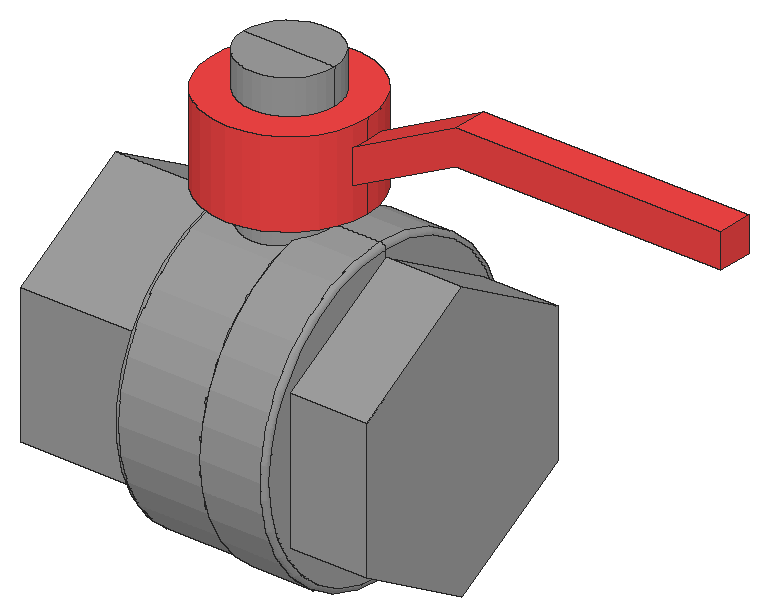
Revit family "BIMLIB_Кран_шаровой_В-Вр_РОСТерм", category Арматура трубопроводов, Revit 2017
Family settings
  Размер круглого соединителя = Использовать диаметр
  Тип детали = Клапан - Вставляется
  На основе рабочей плоскости = Нет
  Всегда вертикально = Да
  При загрузке вырезать с полостями = Нет
  Общий = Нет
Parameters (values of type "ШКР ВР-ВР")
  РТ_рукоятка [instance] = if(or(РТ_DN = 32 mm, РТ_DN = 40 mm, РТ_DN = 50 mm), 1 = 1, 0 = 1)  # yes
  РТ_бабочка [instance] = if(or(РТ_DN = 15 mm, РТ_DN = 20 mm, РТ_DN = 25 mm), 1 = 1, 0 = 1)  # no
  РТ_Ширина2 [instance] = РТ_L / 3  # 33.667 mm
  РТ_Ширина1 [instance] = РТ_L / 4.5  # 22.444 mm
  РТ_Радиус вентиля2 [instance] = size_lookup("Valve", "РТ_Радиус вентиля 2", 0 mm, РТ_DN)  # 23 mm
  РТ_Номинальное давление = 16.0 bar  # constant formula
  РТ_Рабочая температура = 120 °C  # constant formula
  РТ_Максимальная температура = 160 °C  # constant formula
  РТ_Материал_Кран = BIMLIB_Красный_пластик_РТ
  РТ_DN [instance] = 50 mm
  Описание = "Кран шаровой выгодно отличается от аналогов компактностью. Небольшие габариты устройства позволяют использовать механизм для полного перекрывания потока рабочей среды на участке трубопроводной магистрали, где исключается любая дополнительная нагрузка (в промышленных системах охлаждения оборудования высокой мощности и тд)."
  Изготовитель = "РОСТерм"
  РТ_Высота ручки [instance] = size_lookup("Valve", "РТ_Высота ручки", 0 mm, РТ_DN)  # 10 mm
  РТ_Радиус вентиля1 [instance] = size_lookup("Valve", "РТ_Радиус вентиля 1", 0 mm, РТ_DN)  # 16 mm
  РТ_CH2 [instance] = РТ_CH / 2  # 35 mm
  РТ_CH [instance] = size_lookup("Valve", "РТ_CH", 0 mm, РТ_DN)  # 70 mm
  РТ_L [instance] = size_lookup("Valve", "РТ_L", 0 mm, РТ_DN)  # 101 mm
  РТ_C2 [instance] = size_lookup("Valve", "РТ_C2", 0 mm, РТ_DN)  # 44 mm
  РТ_B [instance] = size_lookup("Valve", "РТ_B", 0 mm, РТ_DN)  # 85 mm
  РТ_A [instance] = size_lookup("Valve", "РТ_A", 0 mm, РТ_DN)  # 130 mm
  URL = "http://rostherm.ru/"
  BL_Разработано = "support@bimlib.ru"  # constant formula
  BL_Email = "rostherm@bimlib.ru"
  BL_BIM library = "https://bimlib.pro/manufacturer/rosterm/1632/"
  ADSK_Расход жидкости [instance] = 0.0 m³/h
  ADSK_Примечание = ""
  ADSK_Позиция = ""
  ADSK_Обозначение = "ГОСТ 21345-2005"  # constant formula
  ADSK_Наименование краткое [instance] = size_lookup("Valve_наим", "", "-", РТ_DN)  # "Кран шаровой ВР-ВР Ду50"
  ADSK_Наименование [instance] = size_lookup("Valve", "", "-", РТ_DN)  # "Кран шаровой латунный Внутренняя - Внутренняя резьба Ду50 (ручка)"
  ADSK_Материал = BIMLIB_Латунь_РТ
  ADSK_Масса_Текст = ""
  ADSK_Масса [instance] = 0
  ADSK_Марка [instance] = size_lookup("Valve_наим", "", "-", РТ_DN)  # "Кран шаровой ВР-ВР Ду50"
  ADSK_Код изделия [instance] = size_lookup("Valve_код", "", "-", РТ_DN)  # "ШКР ВР-ВР 2\""
  ADSK_Завод-изготовитель = "Heizen"  # constant formula
  ADSK_Единица измерения = "шт."  # constant formula
  ADSK_Версия Revit = "2017"
  ADSK_URL страницы изделия = "http://rostherm.ru/sharovye-krany/"
  ADSK_URL документации изделия = "http://rostherm.ru/"
Reference planes
  plane 1 "По центру (Вперед/Назад)": y = 0
  plane 2: z = 0
  plane 3 "По центру (Влево/Вправо)": x = 0
  plane 4 "Граница1": x = -50.5
  plane 5 "Граница2": x = 50.5
  plane 6: x = 28.056
  plane 7: x = -16.833
  plane 8: z = 85
  plane 9: x = 130
  plane 10 "Ручка": z = 75
  plane 11: through (0, 15.5, -8.949) normal (0, 0.5, 0.866)
  plane 12: z = -44
  plane 13: x = 9.675
  plane 14: z = 50
  plane 15: x = 65
  plane 16: x = -65
Forms (mm)
  Extrusion 1, solid, material "BIMLIB_Латунь_РТ" <- "ADSK_Материал", detail levels medium+fine
    sketch origin (-50.5, 0, 0) x (0, 1, 0) y (0, 0, 1)
      loop
        line (-35, 20.207) -> (-35, -20.207) -> (0, -40.415) -> (35, -20.207) -> (35, 20.207) -> (0, 40.415) -> (-35, 20.207)
    from 0 to 33.667
  Extrusion 2, solid, material "BIMLIB_Латунь_РТ" <- "ADSK_Материал", detail levels medium+fine
    sketch origin (50.5, 0, 0) x (0, 1, 0) y (0, 0, 1)
      loop
        line (0, 40.415) -> (-35, 20.207) -> (-35, -20.207) -> (0, -40.415) -> (35, -20.207) -> (35, 20.207) -> (0, 40.415)
    from 0 to -22.444
  Revolve 3, solid, material "BIMLIB_Латунь_РТ" <- "ADSK_Материал", detail levels medium+fine
    sketch origin (0, 0, 0) x (1, 0, 0) y (0, 0, 1)
      loop
        line (-16.833, 0) -> (-16.833, -41.637)
        arc (-16.833, -41.637) -> (-16.434, -42.601) -> (-15.471, -43) r 1.363
        line (-15.471, -43) -> (8.212, -43) -> (9.133, -43.922) -> (26.552, -43.922)
        arc (26.552, -43.922) -> (27.615, -43.481) -> (28.056, -42.418) r 1.503
        line (28.056, -42.418) -> (28.056, 0) -> (-16.833, 0)
      axis (-16.833, 0) -> (28.056, 0)
    angle from 0 to 360
  Revolve 4, solid, material "BIMLIB_Латунь_РТ" <- "ADSK_Материал", detail levels medium+fine
    sketch origin (0, 0, -14.253) x (1, 0, 0) y (0, 0, 1)
      loop
        line (0, 14.253) -> (0, 99.253) -> (-13.405, 99.253) -> (-13.405, 14.253) -> (0, 14.253)
      axis (0, 99.253) -> (0, 14.253)
    angle from 0 to 360
  Extrusion 5, solid, material "BIMLIB_Красный_пластик_РТ" <- "РТ_Материал_Кран", visible <- "РТ_рукоятка", detail levels medium+fine
    sketch origin (0, 0, 75) x (-1, 0, 0) y (0, -1, 0)
      loop
        circle (0, 0) r 23
    from 0 to -25
  Extrusion 6, solid, material "BIMLIB_Красный_пластик_РТ" <- "РТ_Материал_Кран", visible <- "РТ_рукоятка", detail levels medium+fine
    sketch origin (0, 0, 0) x (1, 0, 0) y (0, 0, 1)
      loop
        line (4.698, 60) -> (0, 60) -> (0, 50) -> (4.512, 50) -> (52.686, 75) -> (130, 75) -> (130, 85) -> (52.686, 85) -> (4.698, 60)
    from -5 to 5
  Revolve 7, solid, material "BIMLIB_Красный_пластик_РТ" <- "РТ_Материал_Кран", visible <- "РТ_бабочка", detail levels medium+fine
    sketch origin (-2.424, 0, 13.449) x (1, 0, 0) y (0, 0, 1)
      loop
        line (2.424, 36.551) -> (24.119, 36.551) -> (24.119, 56.988) -> (9.724, 70.988)
        arc (9.724, 70.988) -> (9.56, 71.386) -> (9.162, 71.551) r 0.563
        line (9.162, 71.551) -> (2.424, 71.551) -> (2.424, 36.551)
      axis (2.424, 71.551) -> (2.424, 36.551)
    angle from 0 to 360
  Extrusion 8, solid, material "BIMLIB_Красный_пластик_РТ" <- "РТ_Материал_Кран", visible <- "РТ_бабочка", detail levels medium+fine
    sketch origin (13.5, 0, 5.027) x (1, 0, 0) y (0, 0, 1)
      loop
        line (9.861, 57.529) -> (51.5, 57.529) -> (51.5, 79.973) -> (10.077, 79.973) -> (3.722, 70.173) -> (-13.5, 70.173) -> (-30.722, 70.173) -> (-32.021, 79.973) -> (-78.5, 79.973) -> (-78.5, 57.529) -> (-30.917, 57.529) -> (-13.5, 57.529) -> (9.861, 57.529)
    from -4.5 to 4.5
Cuts and joins
  joined: Extrusion 1, Extrusion 2
Lines and regions (mm)
  model lines, detail levels medium+fine
    curve 1: line (-50.5, 0, 0) -> (50.5, 0, 0)
  reference lines, not visible
    curve 2: line (0, 0, 0) -> (0, -51.629, 0)
Dimensions and locks
  "РТ_B": plane 8 to plane 2
  equal spacing: plane 5 "Граница2", plane 3 "По центру (Влево/Вправо)", plane 4 "Граница1"
  "РТ_L": plane 5 "Граница2" to plane 4 "Граница1"
  "РТ_Ширина2": plane 7 to plane 4 "Граница1"
  "РТ_Ширина1": plane 5 "Граница2" to plane 6
  "РТ_CH2": plane 1 "По центру (Вперед/Назад)" to Extrusion 1 sketch curve
  equal spacing: Extrusion 1 sketch curve, plane 1 "По центру (Вперед/Назад)", Extrusion 1 sketch curve
  "РТ_CH2": plane 11 to Extrusion 1 sketch curve
  equal spacing: Extrusion 1 sketch curve, plane 11, Extrusion 1 sketch curve
  equal spacing: Extrusion 2 sketch curve, plane 1 "По центру (Вперед/Назад)", Extrusion 2 sketch curve
  "РТ_CH2": plane 1 "По центру (Вперед/Назад)" to Extrusion 2 sketch curve
  "РТ_CH2": Extrusion 2 sketch curve to plane 11
  equal spacing: Extrusion 2 sketch curve, plane 11, Extrusion 2 sketch curve
  "РТ_C2": level to plane 12
  Revolve 4 sketch curve to Revolve 4 sketch curve = 85 mm
  "РТ_A": plane 9 to plane 3 "По центру (Влево/Вправо)"
  locked: Revolve 3 sketch curve to plane 12 at 1
  "РТ_CH2": plane 8 to plane 14
  "РТ_Высота ручки": plane 8 to plane 10 "Ручка"
  "РТ_Высота ручки": Extrusion 6 to Extrusion 6
  equal spacing: Extrusion 6, plane 1 "По центру (Вперед/Назад)", Extrusion 6
  equal spacing: plane 15, plane 3 "По центру (Влево/Вправо)", plane 16
  "РТ_A": plane 15 to plane 16
  "РТ_Ширина1": Extrusion 8 sketch curve to Extrusion 8 sketch curve
  equal spacing: Extrusion 8 sketch curve, plane 3 "По центру (Влево/Вправо)", Extrusion 8 sketch curve
  "РТ_Высота ручки": Extrusion 6 sketch curve to Extrusion 5
  "РТ_Радиус вентиля2": radius of Extrusion 5 sketch curve
  angle curve 2 to plane 2 = 0.00°
  aligned and locked: level to plane 2
  aligned and locked: plane 11 to Extrusion 1
  aligned and locked: Extrusion 2 to plane 6
  aligned and locked: Revolve 3 sketch curve to level
  aligned and locked: Revolve 4 sketch curve to plane 3 "По центру (Влево/Вправо)"
  aligned and locked: Extrusion 1 to plane 7
  aligned and locked: Extrusion 5 to plane 14
  aligned and locked: curve 1 to cut or joined group of Extrusion 1, Extrusion 2  (x2)
  aligned and locked: cut or joined group of Extrusion 1, Extrusion 2 to curve 1
  aligned and locked: plane 1 "По центру (Вперед/Назад)" to curve 2
  aligned and locked: plane 2 to curve 2
  aligned and locked: Revolve 4 to plane 8
  aligned and locked: level to Revolve 4 sketch curve
  aligned and locked: Revolve 7 sketch curve to plane 14
  aligned and locked: plane 15 to Extrusion 8 sketch curve
  aligned and locked: plane 16 to Extrusion 8 sketch curve
  aligned and locked: plane 8 to Extrusion 8 sketch curve
  aligned and locked: plane 14 to Extrusion 6 sketch curve
  aligned and locked: plane 3 "По центру (Влево/Вправо)" to Extrusion 6 sketch curve
  aligned and locked: nested 2 to plane 4 "Граница1"
Automatic sketch dimensions
  Revolve 3 sketch curve to level = 0 mm
  Revolve 3 sketch curve to plane 7 = 0 mm
  Revolve 3 sketch curve to plane 6 = 0 mm
  plane 7 to Revolve 3 sketch curve = 1.363 mm
  Revolve 3 sketch curve to plane 13 = 1.463 mm
  plane 12 to Revolve 3 sketch curve = 0.078 mm
  Revolve 3 sketch curve to plane 13 = 0.541 mm
  Revolve 3 sketch curve to plane 6 = 1.503 mm
  Revolve 3 sketch curve to plane 4 "Граница1" = 1312.99 mm
  plane 9 to Revolve 3 sketch curve = 1774.983 mm
  Revolve 4 sketch curve to plane 3 "По центру (Влево/Вправо)" = 0 mm
  plane 7 to Revolve 4 sketch curve = 3.429 mm
  Revolve 4 sketch curve to plane 12 = 361.631 mm
  plane 8 to Revolve 4 sketch curve = 2144.062 mm
  Revolve 7 sketch curve to plane 3 "По центру (Влево/Вправо)" = 0 mm  (x2)
  Revolve 7 sketch curve to plane 8 = 0 mm
  plane 3 "По центру (Влево/Вправо)" to Revolve 7 sketch curve = 6.737 mm
  Revolve 7 sketch curve to plane 8 = 0.563 mm
  Revolve 7 sketch curve to plane 6 = 6.361 mm
  Revolve 7 sketch curve to plane 10 "Ручка" = 4.563 mm
  Revolve 7 sketch curve to Revolve 7 sketch curve = 2.238 mm
  Revolve 7 sketch curve to Revolve 7 sketch curve = 6.414 mm
  Extrusion 1 sketch curve to plane 1 "По центру (Вперед/Назад)" = 0 mm  (x2)
  Extrusion 1 sketch curve to plane 11 = 0 mm  (x2)
  Extrusion 2 sketch curve to plane 1 "По центру (Вперед/Назад)" = 0 mm  (x2)
  Extrusion 2 sketch curve to plane 11 = 0 mm  (x2)
  plane 1 "По центру (Вперед/Назад)" to Extrusion 5 sketch curve = 0 mm
  Extrusion 5 sketch curve to plane 3 "По центру (Влево/Вправо)" = 0 mm
  Extrusion 6 sketch curve to plane 8 = 0 mm
  Extrusion 6 sketch curve to plane 10 "Ручка" = 0 mm
  plane 9 to Extrusion 6 sketch curve = 0 mm
  plane 3 "По центру (Влево/Вправо)" to Extrusion 6 sketch curve = 4.512 mm
  plane 3 "По центру (Влево/Вправо)" to Extrusion 6 sketch curve = 4.698 mm
  plane 5 "Граница2" to Extrusion 6 sketch curve = 2.186 mm  (x2)
  Extrusion 8 sketch curve to plane 8 = 0 mm
  Extrusion 8 sketch curve to plane 3 "По центру (Влево/Вправо)" = 0 mm  (x2)
  Extrusion 8 sketch curve to plane 7 = 1.688 mm
  Extrusion 8 sketch curve to plane 7 = 0.583 mm
  Extrusion 8 sketch curve to plane 7 = 0.388 mm
  Extrusion 8 sketch curve to plane 6 = 4.694 mm
  Extrusion 8 sketch curve to plane 6 = 4.479 mm
  plane 10 "Ручка" to Extrusion 8 sketch curve = 0.2 mm
Nested families
  nested 1: "УГО_Фронт" at (0, 0, 0), Длина <- "РТ_L", type "УГО_Фронт", detail levels coarse
    with Длина 101 mm
  nested 2: "УГО" at (0, 0, 0), Длина <- "РТ_L", type "УГО", detail levels coarse
    with Длина 101 mm
Connectors
  piping at (-50.5, 0, 0), diameter 50, driven by "РТ_DN", driven by "ADSK_Расход жидкости"
    settings: on cut or joined group of Extrusion 1, Extrusion 2, index 1, connector inside diameter 609.6 mm, connector length 0 mm, flow factor 0, pipe flow 0.0 m³/h, pressure drop 0.0 bar, fitting loss kfactor 0, connector angle 0.00°, fixture units 0, engagement length 0 mm, angle of deflection 0.00°, flow configuration 0, flow direction 0, fitting loss method 0, system type 29, joint type 0, gender type 0, connector reference index 2, connector utility 0, adjustable connector no, is connector primary yes, connector description ""
  piping at (50.5, 0, 0), diameter 50, driven by "ADSK_Расход жидкости", driven by "РТ_DN"
    settings: on cut or joined group of Extrusion 1, Extrusion 2, index 2, connector inside diameter 609.6 mm, connector length 0 mm, flow factor 0, pipe flow 0.0 m³/h, pressure drop 0.0 bar, fitting loss kfactor 0, connector angle 0.00°, fixture units 0, engagement length 0 mm, angle of deflection 0.00°, flow configuration 0, flow direction 0, fitting loss method 0, system type 29, joint type 0, gender type 0, connector reference index 1, connector utility 0, adjustable connector no, is connector primary no, connector description ""
Definition of nested family "УГО_Фронт"
  Parameters (values of type "УГО_Фронт")
    Loss Method = (empty or 0)
    Длина [instance] = 100 mm
  Reference planes
    plane 1 "Centro (Fronte/Retro)": y = 0
    plane 2: z = 0
    plane 3 "Centro (Sinistra/Destra)": x = 0
    plane 4: through (4267.2, 0, 0) normal (0, -0.7071, 0.7071)
    plane 5: x = 50
    plane 6: x = -50
  Lines and regions (mm)
    model lines, detail levels coarse
      curve 1: line (50, 0, -30) -> (50, 0, 30)
      curve 2: line (-50, 0, -30) -> (-50, 0, 30)
      curve 3: line (50, 0, 30) -> (-50, 0, -30)
      curve 4: line (-50, 0, 30) -> (50, 0, -30)
  Dimensions and locks
    equal spacing: plane 5, plane 3 "Centro (Sinistra/Destra)", plane 6
    "Длина": plane 5 to plane 6
    aligned and locked: level to plane 2
  Automatic sketch dimensions
    curve 3 to plane 6 = 0 mm
    curve 3 to plane 5 = 0 mm
    level to curve 1 = 30 mm
    curve 3 to level = 30 mm
    curve 4 to level = 30 mm
    level to curve 2 = 30 mm
Definition of nested family "УГО"
  Parameters (values of type "УГО")
    Loss Method = (empty or 0)
    Длина [instance] = 100 mm
  Reference planes
    plane 1 "Centro (Fronte/Retro)": y = 0
    plane 2: z = 0
    plane 3 "Centro (Sinistra/Destra)": x = 0
    plane 4: through (4267.2, 0, 0) normal (0, -0.7071, 0.7071)
    plane 5: x = 50
    plane 6: x = -50
  Lines and regions (mm)
    symbolic lines
      curve 1: line (-50, -40, 0) -> (50, 40, 0)
      curve 2: line (50, -40, 0) -> (-50, 40, 0)
      curve 3: line (50, 40, 0) -> (50, -40, 0)
      curve 4: line (-50, 40, 0) -> (-50, -40, 0)
  Dimensions and locks
    equal spacing: plane 5, plane 3 "Centro (Sinistra/Destra)", plane 6
    "Длина": plane 5 to plane 6
    aligned and locked: level to plane 2
    aligned and locked: curve 3 to plane 5
    aligned and locked: curve 4 to plane 6
  Automatic sketch dimensions
    plane 1 "Centro (Fronte/Retro)" to curve 3 = 40 mm
    plane 1 "Centro (Fronte/Retro)" to curve 4 = 40 mm
    curve 4 to plane 1 "Centro (Fronte/Retro)" = 40 mm
    curve 1 to plane 1 "Centro (Fronte/Retro)" = 40 mm
